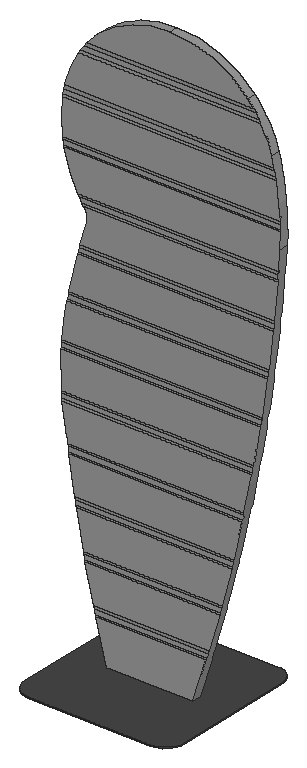
Revit family "Haworth_BuzziPlant_Doldi_EU_PRELIMINARY", category Furniture, Revit 2018
Family settings
  OmniClass Number = 23.40.70.14.64.21
  OmniClass Title = Systems Furniture
  Work Plane-Based = No
  Always vertical = Yes
  Cut with Voids When Loaded = No
  Shared = No
  Room Calculation Point = No
Parameters (values of type "Doldi")
  Warranty = "http://www.haworth.com/resources/product-info/warranties"
  Upholstery Finish [instance] = Haworth _ Fabric _ Undecided _ Screen
  Upholstery Depth = 2.7 cm  # constant formula
  URL - Product = "https://www.haworth.com/eu/en/products/acoustic-booths/buzziplant.html"
  URL = "https://www.haworth.com/eu/en.html"
  Size = "Verify Final Dim. w/ Haworth"  # constant formula
  Revision Number = "1"  # constant formula
  Model = "Buzzi Plant"  # constant formula
  Manufacturer = "Haworth"  # constant formula
  Description = "Haworth - BuzziPlant - Doldi"  # constant formula
  Base Finish [instance] = Haworth _ Paint _ Black BTR-9005
  Author = "Haworth (Abd Rahman)"  # constant formula
  Assembly Code = "E2020200"
  Actual Width = 68 cm  # constant formula
  Actual Height = 179.2982 cm  # constant formula
  Actual Depth = 49 cm  # constant formula
Reference planes (cm)
  plane 1 "Center F/B": y = 4.445
  plane 2: z = 0
  plane 3 "Back": y = 28.9421
  plane 4 "Front": y = -20.0521
  plane 5 "Top": z = 179.2982
  plane 6 "Right": x = 108.0528
  plane 7 "Left": x = 40.0581
  plane 8: x = 74.0554
  plane 9 "Front Surface": y = 3.0988
  plane 10 "Back Surface": y = 5.7912
  plane 11 "Base Top": z = 0.3
Forms (cm)
  Extrusion 1, solid, material "Haworth _ Paint _ Black BTR-9005" <- "Base Finish"
    sketch origin (0, 0, 0) x (1, 0, 0) y (0, 1, 0)
      loop
        arc (86.2452, -20.0521) -> (90.5078, -18.2864) -> (92.2735, -14.0238) r 6.0283
        line (92.2735, -14.0238) -> (92.2735, 22.9096)
        arc (92.2735, 22.9096) -> (90.5066, 27.1752) -> (86.241, 28.9421) r 6.0325
        line (86.241, 28.9421) -> (49.306, 28.9421)
        arc (49.306, 28.9421) -> (45.0404, 27.1752) -> (43.2735, 22.9096) r 6.0325
        line (43.2735, 22.9096) -> (43.2735, -14.0196)
        arc (43.2735, -14.0196) -> (45.0404, -18.2852) -> (49.306, -20.0521) r 6.0325
        line (49.306, -20.0521) -> (86.2452, -20.0521)
    from 0 to 0.3
  Extrusion 2, solid, material "Haworth _ Fabric _ Undecided _ Screen" <- "Upholstery Finish"
    sketch origin (0, 4.445, 0) x (1, 0, 0) y (0, 0, 1)
      loop
        arc (80.8743, 0.3) -> (98.5993, 66.2251) -> (107.7699, 133.8727) r 534.0572
        arc (107.7699, 133.8727) -> (107.5974, 146.57) -> (105.2947, 159.0579) r 75.3391
        arc (105.2947, 159.0579) -> (102.4388, 166.0018) -> (97.9721, 172.0369) r 30.48
        arc (97.9721, 172.0369) -> (87.0663, 179.6056) -> (74.0554, 182.24) r 32.8485
        arc (74.0554, 182.24) -> (53.3892, 174.981) -> (41.6649, 156.4789) r 33.3988
        arc (41.6649, 156.4789) -> (41.2644, 139.9901) -> (47.5132, 124.7259) r 40.2354
        arc (47.5132, 124.7259) -> (48.4364, 122.3413) -> (48.2272, 119.7928) r 5.715
        arc (48.2272, 119.7928) -> (44.525, 106.6516) -> (41.6947, 93.2955) r 207.5624
        arc (41.6947, 93.2955) -> (40.3649, 77.4411) -> (41.9661, 61.6118) r 86.36
        arc (41.9661, 61.6118) -> (42.0269, 61.3037) -> (42.0888, 60.9959) r 87.4018
        arc (42.0888, 60.9959) -> (42.2873, 59.9189) -> (42.447, 58.8355) r 30.48
        arc (42.447, 58.8355) -> (47.4261, 29.3303) -> (54.6777, 0.3) r 385.6723
        line (54.6777, 0.3) -> (80.8743, 0.3)
    from -1.3462 to 1.3462
  Extrusion 3, void
    sketch origin (108.0528, 0, 0) x (0, 1, 0) y (0, 0, 1)
      loop
        line (6.4955, 158.9497) -> (6.4955, 178.4594) -> (5.6228, 169.0328)
        arc (5.6228, 169.0328) -> (5.5904, 168.3001) -> (5.6286, 167.5677) r 7.62
        line (5.6286, 167.5677) -> (6.4955, 158.9497)
    from -80.8437 to 30.48
  Extrusion 4, void
    sketch origin (108.0528, 8.89, 0) x (0, -1, 0) y (0, 0, -1)
      loop
        line (6.5671, -158.9497) -> (5.7002, -167.5677)
        arc (5.7002, -167.5677) -> (5.662, -168.3001) -> (5.6944, -169.0328) r 7.62
        line (5.6944, -169.0328) -> (6.5671, -178.4594) -> (6.5671, -158.9497)
    from -80.8437 to 30.48
  Extrusion 5, void
    sketch origin (108.0528, 0, -13.97) x (0, 1, 0) y (0, 0, 1)
      loop
        line (6.4955, 158.9497) -> (6.4955, 178.4594) -> (5.6228, 169.0328)
        arc (5.6228, 169.0328) -> (5.5904, 168.3001) -> (5.6286, 167.5677) r 7.62
        line (5.6286, 167.5677) -> (6.4955, 158.9497)
    from -80.8437 to 30.48
  Extrusion 6, void
    sketch origin (108.0528, 8.89, -13.97) x (0, -1, 0) y (0, 0, -1)
      loop
        line (6.5671, -158.9497) -> (5.7002, -167.5677)
        arc (5.7002, -167.5677) -> (5.662, -168.3001) -> (5.6944, -169.0328) r 7.62
        line (5.6944, -169.0328) -> (6.5671, -178.4594) -> (6.5671, -158.9497)
    from -80.8437 to 30.48
  Extrusion 7, void
    sketch origin (108.0528, -0.0355, -28.0001) x (0, 1, 0) y (0, 0, 1)
      loop
        line (6.4955, 158.9497) -> (6.4955, 178.4594) -> (5.6228, 169.0328)
        arc (5.6228, 169.0328) -> (5.5904, 168.3001) -> (5.6286, 167.5677) r 7.62
        line (5.6286, 167.5677) -> (6.4955, 158.9497)
    from -80.8437 to 30.48
  Extrusion 8, void
    sketch origin (108.0528, 8.8545, -28.0001) x (0, -1, 0) y (0, 0, -1)
      loop
        line (6.5671, -158.9497) -> (5.7002, -167.5677)
        arc (5.7002, -167.5677) -> (5.662, -168.3001) -> (5.6944, -169.0328) r 7.62
        line (5.6944, -169.0328) -> (6.5671, -178.4594) -> (6.5671, -158.9497)
    from -80.8437 to 30.48
  Extrusion 9, void
    sketch origin (108.0528, -0.0355, -42.0001) x (0, 1, 0) y (0, 0, 1)
      loop
        line (6.4955, 158.9497) -> (6.4955, 178.4594) -> (5.6228, 169.0328)
        arc (5.6228, 169.0328) -> (5.5904, 168.3001) -> (5.6286, 167.5677) r 7.62
        line (5.6286, 167.5677) -> (6.4955, 158.9497)
    from -80.8437 to 30.48
  Extrusion 10, void
    sketch origin (108.0528, 8.8545, -42.0001) x (0, -1, 0) y (0, 0, -1)
      loop
        line (6.5671, -158.9497) -> (5.7002, -167.5677)
        arc (5.7002, -167.5677) -> (5.662, -168.3001) -> (5.6944, -169.0328) r 7.62
        line (5.6944, -169.0328) -> (6.5671, -178.4594) -> (6.5671, -158.9497)
    from -80.8437 to 30.48
  Extrusion 11, void
    sketch origin (108.0528, -0.0355, -56.0001) x (0, 1, 0) y (0, 0, 1)
      loop
        line (6.4955, 158.9497) -> (6.4955, 178.4594) -> (5.6228, 169.0328)
        arc (5.6228, 169.0328) -> (5.5904, 168.3001) -> (5.6286, 167.5677) r 7.62
        line (5.6286, 167.5677) -> (6.4955, 158.9497)
    from -80.8437 to 30.48
  Extrusion 12, void
    sketch origin (108.0528, 8.8545, -56.0001) x (0, -1, 0) y (0, 0, -1)
      loop
        line (6.5671, -158.9497) -> (5.7002, -167.5677)
        arc (5.7002, -167.5677) -> (5.662, -168.3001) -> (5.6944, -169.0328) r 7.62
        line (5.6944, -169.0328) -> (6.5671, -178.4594) -> (6.5671, -158.9497)
    from -80.8437 to 30.48
  Extrusion 13, void
    sketch origin (108.0528, -0.0355, -70.0001) x (0, 1, 0) y (0, 0, 1)
      loop
        line (6.4955, 158.9497) -> (6.4955, 178.4594) -> (5.6228, 169.0328)
        arc (5.6228, 169.0328) -> (5.5904, 168.3001) -> (5.6286, 167.5677) r 7.62
        line (5.6286, 167.5677) -> (6.4955, 158.9497)
    from -80.8437 to 30.48
  Extrusion 14, void
    sketch origin (108.0528, 8.8545, -70.0001) x (0, -1, 0) y (0, 0, -1)
      loop
        line (6.5671, -158.9497) -> (5.7002, -167.5677)
        arc (5.7002, -167.5677) -> (5.662, -168.3001) -> (5.6944, -169.0328) r 7.62
        line (5.6944, -169.0328) -> (6.5671, -178.4594) -> (6.5671, -158.9497)
    from -80.8437 to 30.48
  Extrusion 15, void
    sketch origin (108.0528, -0.0355, -84.0001) x (0, 1, 0) y (0, 0, 1)
      loop
        line (6.4955, 158.9497) -> (6.4955, 178.4594) -> (5.6228, 169.0328)
        arc (5.6228, 169.0328) -> (5.5904, 168.3001) -> (5.6286, 167.5677) r 7.62
        line (5.6286, 167.5677) -> (6.4955, 158.9497)
    from -80.8437 to 30.48
  Extrusion 16, void
    sketch origin (108.0528, 8.8545, -84.0001) x (0, -1, 0) y (0, 0, -1)
      loop
        line (6.5671, -158.9497) -> (5.7002, -167.5677)
        arc (5.7002, -167.5677) -> (5.662, -168.3001) -> (5.6944, -169.0328) r 7.62
        line (5.6944, -169.0328) -> (6.5671, -178.4594) -> (6.5671, -158.9497)
    from -80.8437 to 30.48
  Extrusion 17, void
    sketch origin (108.0528, -0.0351, -98.0001) x (0, 1, 0) y (0, 0, 1)
      loop
        line (6.4955, 158.9497) -> (6.4955, 178.4594) -> (5.6228, 169.0328)
        arc (5.6228, 169.0328) -> (5.5904, 168.3001) -> (5.6286, 167.5677) r 7.62
        line (5.6286, 167.5677) -> (6.4955, 158.9497)
    from -80.8437 to 30.48
  Extrusion 18, void
    sketch origin (108.0528, 8.8549, -98.0001) x (0, -1, 0) y (0, 0, -1)
      loop
        line (6.5671, -158.9497) -> (5.7002, -167.5677)
        arc (5.7002, -167.5677) -> (5.662, -168.3001) -> (5.6944, -169.0328) r 7.62
        line (5.6944, -169.0328) -> (6.5671, -178.4594) -> (6.5671, -158.9497)
    from -80.8437 to 30.48
  Extrusion 19, void
    sketch origin (108.0528, -0.0355, -112.0001) x (0, 1, 0) y (0, 0, 1)
      loop
        line (6.4955, 158.9497) -> (6.4955, 178.4594) -> (5.6228, 169.0328)
        arc (5.6228, 169.0328) -> (5.5904, 168.3001) -> (5.6286, 167.5677) r 7.62
        line (5.6286, 167.5677) -> (6.4955, 158.9497)
    from -80.8437 to 30.48
  Extrusion 20, void
    sketch origin (108.0528, 8.8545, -112.0001) x (0, -1, 0) y (0, 0, -1)
      loop
        line (6.5671, -158.9497) -> (5.7002, -167.5677)
        arc (5.7002, -167.5677) -> (5.662, -168.3001) -> (5.6944, -169.0328) r 7.62
        line (5.6944, -169.0328) -> (6.5671, -178.4594) -> (6.5671, -158.9497)
    from -80.8437 to 30.48
  Extrusion 21, void
    sketch origin (108.0528, -0.0355, -126.0001) x (0, 1, 0) y (0, 0, 1)
      loop
        line (6.4955, 158.9497) -> (6.4955, 178.4594) -> (5.6228, 169.0328)
        arc (5.6228, 169.0328) -> (5.5904, 168.3001) -> (5.6286, 167.5677) r 7.62
        line (5.6286, 167.5677) -> (6.4955, 158.9497)
    from -80.8437 to 30.48
  Extrusion 22, void
    sketch origin (108.0528, 8.8545, -126.0001) x (0, -1, 0) y (0, 0, -1)
      loop
        line (6.5671, -158.9497) -> (5.7002, -167.5677)
        arc (5.7002, -167.5677) -> (5.662, -168.3001) -> (5.6944, -169.0328) r 7.62
        line (5.6944, -169.0328) -> (6.5671, -178.4594) -> (6.5671, -158.9497)
    from -80.8437 to 30.48
  Extrusion 23, void
    sketch origin (108.0528, -0.0355, -140.0001) x (0, 1, 0) y (0, 0, 1)
      loop
        line (6.4955, 158.9497) -> (6.4955, 178.4594) -> (5.6228, 169.0328)
        arc (5.6228, 169.0328) -> (5.5904, 168.3001) -> (5.6286, 167.5677) r 7.62
        line (5.6286, 167.5677) -> (6.4955, 158.9497)
    from -80.8437 to 30.48
  Extrusion 24, void
    sketch origin (108.0528, 8.8545, -140.0001) x (0, -1, 0) y (0, 0, -1)
      loop
        line (6.5671, -158.9497) -> (5.7002, -167.5677)
        arc (5.7002, -167.5677) -> (5.662, -168.3001) -> (5.6944, -169.0328) r 7.62
        line (5.6944, -169.0328) -> (6.5671, -178.4594) -> (6.5671, -158.9497)
    from -80.8437 to 30.48
  Extrusion 25, void
    sketch origin (108.0528, -0.0355, -154.0001) x (0, 1, 0) y (0, 0, 1)
      loop
        line (6.4955, 158.9497) -> (6.4955, 178.4594) -> (5.6228, 169.0328)
        arc (5.6228, 169.0328) -> (5.5904, 168.3001) -> (5.6286, 167.5677) r 7.62
        line (5.6286, 167.5677) -> (6.4955, 158.9497)
    from -80.8437 to 30.48
  Extrusion 26, void
    sketch origin (108.0528, 8.8545, -154.0001) x (0, -1, 0) y (0, 0, -1)
      loop
        line (6.5671, -158.9497) -> (5.7002, -167.5677)
        arc (5.7002, -167.5677) -> (5.662, -168.3001) -> (5.6944, -169.0328) r 7.62
        line (5.6944, -169.0328) -> (6.5671, -178.4594) -> (6.5671, -158.9497)
    from -80.8437 to 30.48
Cuts and joins
  Extrusion 3, Extrusion 4, Extrusion 5, Extrusion 6, Extrusion 7, Extrusion 8, Extrusion 9, Extrusion 10, Extrusion 11, Extrusion 12, Extrusion 13, Extrusion 14, Extrusion 15, Extrusion 16, Extrusion 17, Extrusion 18, Extrusion 19, Extrusion 20, Extrusion 21, Extrusion 22, Extrusion 23, Extrusion 24, Extrusion 25, Extrusion 26 cuts Extrusion 2
Lines and regions (cm)
  Masking region 1
    outline origin (0, 0, 0) x (1, 0, 0) y (0, 1, 0)
      loop
        line (92.2735, -14.0238) -> (92.2735, 3.0988) -> (108.0528, 3.0988) -> (108.0528, 5.7912) -> (92.2735, 5.7912) -> (92.2735, 22.9096)
        arc (92.2735, 22.9096) -> (90.5066, 27.1752) -> (86.241, 28.9421) r 6.0325
        line (86.241, 28.9421) -> (49.306, 28.9421)
        arc (49.306, 28.9421) -> (45.0404, 27.1752) -> (43.2735, 22.9096) r 6.0325
        line (43.2735, 22.9096) -> (43.2735, 5.7912) -> (40.0581, 5.7912) -> (40.0581, 3.0988) -> (43.2735, 3.0988) -> (43.2735, -14.0196)
        arc (43.2735, -14.0196) -> (45.0404, -18.2852) -> (49.306, -20.0521) r 6.0325
        line (49.306, -20.0521) -> (86.2452, -20.0521)
        arc (86.2452, -20.0521) -> (90.5078, -18.2864) -> (92.2735, -14.0238) r 6.0283
  symbolic lines
    curve 1: line (92.2735, 5.7912, 0) -> (43.2735, 5.7912, 0)
    curve 2: line (43.2735, 3.0988, 0) -> (92.2735, 3.0988, 0)
Dimensions and locks (cm)
  "Actual Width": plane 7 "Left" to plane 6 "Right"
  "Actual Depth": plane 4 "Front" to plane 3 "Back"
  equal spacing: plane 4 "Front", plane 1 "Center F/B", plane 3 "Back"
  "Actual Height": plane 5 "Top" to level
  equal spacing: plane 7 "Left", plane 8, plane 6 "Right"
  plane 10 "Back Surface" to plane 9 "Front Surface" = 2.6924 cm
  aligned and locked: Extrusion 1 sketch curve to plane 3 "Back"
  aligned and locked: Extrusion 1 sketch curve to plane 4 "Front"
  aligned and locked: Extrusion 1 to plane 2
  aligned and locked: plane 11 "Base Top" to Extrusion 1
  aligned and locked: plane 10 "Back Surface" to Extrusion 2
  aligned and locked: Extrusion 2 to plane 9 "Front Surface"
Automatic sketch dimensions
  Extrusion 1 sketch curve to plane 7 "Left" = 3.2154 cm
  Extrusion 1 sketch curve to Extrusion 1 sketch curve = 6.0325 cm  (x2)
  Extrusion 1 sketch curve to plane 3 "Back" = 6.0325 cm
  Extrusion 1 sketch curve to plane 8 = 12.1855 cm
  Extrusion 1 sketch curve to plane 4 "Front" = 6.0283 cm
  Extrusion 2 sketch curve to plane 11 "Base Top" = 0 cm
  plane 8 to Extrusion 2 sketch curve = 0 cm  (x2)
  Extrusion 2 sketch curve to plane 7 "Left" = 14.6195 cm
  Extrusion 2 sketch curve to plane 7 "Left" = 2.7222 cm
  plane 7 "Left" to Extrusion 2 sketch curve = 7.4386 cm
  plane 7 "Left" to Extrusion 2 sketch curve = 27.8404 cm
  Extrusion 2 sketch curve to plane 5 "Top" = 7.6533 cm
  Extrusion 2 sketch curve to Extrusion 2 sketch curve = 437.1676 cm
  Extrusion 2 sketch curve to plane 8 = 0.1212 cm
  Extrusion 2 sketch curve to plane 8 = 0.1233 cm
  Extrusion 2 sketch curve to plane 8 = 1.837 cm
  Extrusion 2 sketch curve to Extrusion 2 sketch curve = 4.9417 cm
  Extrusion 2 sketch curve to plane 8 = 6.8188 cm
  plane 6 "Right" to Extrusion 2 sketch curve = 18.669 cm
  Extrusion 2 sketch curve to Extrusion 2 sketch curve = 1.0224 cm
  plane 11 "Base Top" to Extrusion 2 sketch curve = 56.6677 cm
  Extrusion 2 sketch curve to Extrusion 2 sketch curve = 118.3091 cm
  Extrusion 2 sketch curve to plane 5 "Top" = 71.0871 cm
  Extrusion 2 sketch curve to Extrusion 2 sketch curve = 178.8922 cm
  plane 11 "Base Top" to Extrusion 2 sketch curve = 54.6333 cm
  level to Extrusion 2 sketch curve = 78.1807 cm
  Extrusion 2 sketch curve to Extrusion 2 sketch curve = 0.1999 cm
  Extrusion 2 sketch curve to plane 5 "Top" = 57.7756 cm
  Extrusion 2 sketch curve to Extrusion 2 sketch curve = 17.6786 cm
  Extrusion 2 sketch curve to Extrusion 2 sketch curve = 13.4053 cm
  Extrusion 2 sketch curve to Extrusion 2 sketch curve = 1.5634 cm
  Extrusion 2 sketch curve to Extrusion 2 sketch curve = 0.5502 cm
  Extrusion 2 sketch curve to Extrusion 2 sketch curve = 1.6328 cm
  Extrusion 2 sketch curve to Extrusion 2 sketch curve = 5.4469 cm
  Extrusion 2 sketch curve to Extrusion 2 sketch curve = 0 cm  (x7)
  Extrusion 3 sketch curve to plane 10 "Back Surface" = 0.1684 cm
  Extrusion 3 sketch curve to plane 10 "Back Surface" = 0.1626 cm
  plane 10 "Back Surface" to Extrusion 3 sketch curve = 0.7043 cm
  plane 10 "Back Surface" to Extrusion 3 sketch curve = 7.4191 cm
  Extrusion 3 sketch curve to plane 5 "Top" = 20.3485 cm
  Extrusion 3 sketch curve to Extrusion 3 sketch curve = 8.618 cm
  Extrusion 3 sketch curve to Extrusion 3 sketch curve = 0.7626 cm
  Extrusion 3 sketch curve to plane 5 "Top" = 0.8388 cm
  Extrusion 4 sketch curve to plane 9 "Front Surface" = 0.0968 cm
  Extrusion 4 sketch curve to plane 9 "Front Surface" = 0.091 cm
  plane 9 "Front Surface" to Extrusion 4 sketch curve = 0.7759 cm
  plane 9 "Front Surface" to Extrusion 4 sketch curve = 7.4907 cm
  plane 5 "Top" to Extrusion 4 sketch curve = 20.3485 cm
  Extrusion 4 sketch curve to Extrusion 4 sketch curve = 8.618 cm
  Extrusion 4 sketch curve to Extrusion 4 sketch curve = 0.7626 cm
  plane 5 "Top" to Extrusion 4 sketch curve = 0.8388 cm
  Extrusion 5 sketch curve to plane 10 "Back Surface" = 0.1684 cm
  Extrusion 5 sketch curve to plane 10 "Back Surface" = 0.1626 cm
  plane 10 "Back Surface" to Extrusion 5 sketch curve = 0.7043 cm
  plane 10 "Back Surface" to Extrusion 5 sketch curve = 7.4191 cm
  Extrusion 5 sketch curve to plane 5 "Top" = 34.3185 cm
  Extrusion 5 sketch curve to Extrusion 5 sketch curve = 8.618 cm
  Extrusion 5 sketch curve to Extrusion 5 sketch curve = 0.7626 cm
  Extrusion 5 sketch curve to Extrusion 5 sketch curve = 9.4266 cm
  Extrusion 6 sketch curve to plane 9 "Front Surface" = 0.0968 cm
  Extrusion 6 sketch curve to plane 9 "Front Surface" = 0.091 cm
  plane 9 "Front Surface" to Extrusion 6 sketch curve = 0.7759 cm
  plane 9 "Front Surface" to Extrusion 6 sketch curve = 7.4907 cm
  plane 5 "Top" to Extrusion 6 sketch curve = 34.3185 cm
  Extrusion 6 sketch curve to Extrusion 6 sketch curve = 8.618 cm
  Extrusion 6 sketch curve to Extrusion 6 sketch curve = 0.7626 cm
  Extrusion 6 sketch curve to Extrusion 6 sketch curve = 9.4266 cm
  Extrusion 7 sketch curve to plane 10 "Back Surface" = 0.2039 cm
  Extrusion 7 sketch curve to plane 10 "Back Surface" = 0.1981 cm
  plane 10 "Back Surface" to Extrusion 7 sketch curve = 0.6688 cm
  plane 10 "Back Surface" to Extrusion 7 sketch curve = 7.3837 cm
  Extrusion 7 sketch curve to plane 5 "Top" = 48.3486 cm
  Extrusion 7 sketch curve to Extrusion 7 sketch curve = 8.618 cm
  Extrusion 7 sketch curve to Extrusion 7 sketch curve = 0.7626 cm
  Extrusion 7 sketch curve to Extrusion 7 sketch curve = 9.4266 cm
  Extrusion 8 sketch curve to plane 9 "Front Surface" = 0.0614 cm
  Extrusion 8 sketch curve to plane 9 "Front Surface" = 0.0556 cm
  plane 9 "Front Surface" to Extrusion 8 sketch curve = 0.8113 cm
  plane 9 "Front Surface" to Extrusion 8 sketch curve = 7.5262 cm
  plane 5 "Top" to Extrusion 8 sketch curve = 48.3486 cm
  Extrusion 8 sketch curve to Extrusion 8 sketch curve = 8.618 cm
  Extrusion 8 sketch curve to Extrusion 8 sketch curve = 0.7626 cm
  Extrusion 8 sketch curve to Extrusion 8 sketch curve = 9.4266 cm
  Extrusion 9 sketch curve to plane 10 "Back Surface" = 0.2039 cm
  Extrusion 9 sketch curve to plane 10 "Back Surface" = 0.1981 cm
  plane 10 "Back Surface" to Extrusion 9 sketch curve = 0.6688 cm
  plane 10 "Back Surface" to Extrusion 9 sketch curve = 7.3837 cm
  Extrusion 9 sketch curve to plane 5 "Top" = 62.3487 cm
  Extrusion 9 sketch curve to Extrusion 9 sketch curve = 8.618 cm
  Extrusion 9 sketch curve to Extrusion 9 sketch curve = 0.7626 cm
  Extrusion 9 sketch curve to Extrusion 9 sketch curve = 9.4266 cm
  Extrusion 10 sketch curve to plane 9 "Front Surface" = 0.0614 cm
  Extrusion 10 sketch curve to plane 9 "Front Surface" = 0.0556 cm
  plane 9 "Front Surface" to Extrusion 10 sketch curve = 0.8113 cm
  plane 9 "Front Surface" to Extrusion 10 sketch curve = 7.5262 cm
  plane 5 "Top" to Extrusion 10 sketch curve = 62.3487 cm
  Extrusion 10 sketch curve to Extrusion 10 sketch curve = 8.618 cm
  Extrusion 10 sketch curve to Extrusion 10 sketch curve = 0.7626 cm
  Extrusion 10 sketch curve to Extrusion 10 sketch curve = 9.4266 cm
  Extrusion 11 sketch curve to plane 10 "Back Surface" = 0.2039 cm
  Extrusion 11 sketch curve to plane 10 "Back Surface" = 0.1981 cm
  plane 10 "Back Surface" to Extrusion 11 sketch curve = 0.6688 cm
  plane 10 "Back Surface" to Extrusion 11 sketch curve = 7.3837 cm
  Extrusion 11 sketch curve to plane 5 "Top" = 76.3486 cm
  Extrusion 11 sketch curve to Extrusion 11 sketch curve = 8.618 cm
  Extrusion 11 sketch curve to Extrusion 11 sketch curve = 0.7626 cm
  Extrusion 11 sketch curve to Extrusion 11 sketch curve = 9.4266 cm
  Extrusion 12 sketch curve to plane 9 "Front Surface" = 0.0614 cm
  Extrusion 12 sketch curve to plane 9 "Front Surface" = 0.0556 cm
  plane 9 "Front Surface" to Extrusion 12 sketch curve = 0.8113 cm
  plane 9 "Front Surface" to Extrusion 12 sketch curve = 7.5262 cm
  plane 5 "Top" to Extrusion 12 sketch curve = 76.3486 cm
  Extrusion 12 sketch curve to Extrusion 12 sketch curve = 8.618 cm
  Extrusion 12 sketch curve to Extrusion 12 sketch curve = 0.7626 cm
  Extrusion 12 sketch curve to Extrusion 12 sketch curve = 9.4266 cm
  Extrusion 13 sketch curve to plane 10 "Back Surface" = 0.2039 cm
  Extrusion 13 sketch curve to plane 10 "Back Surface" = 0.1981 cm
  plane 10 "Back Surface" to Extrusion 13 sketch curve = 0.6688 cm
  plane 10 "Back Surface" to Extrusion 13 sketch curve = 7.3837 cm
  plane 11 "Base Top" to Extrusion 13 sketch curve = 88.6496 cm
  Extrusion 13 sketch curve to Extrusion 13 sketch curve = 8.618 cm
  Extrusion 13 sketch curve to Extrusion 13 sketch curve = 0.7626 cm
  Extrusion 13 sketch curve to Extrusion 13 sketch curve = 9.4266 cm
  Extrusion 14 sketch curve to plane 9 "Front Surface" = 0.0614 cm
  Extrusion 14 sketch curve to plane 9 "Front Surface" = 0.0556 cm
  plane 9 "Front Surface" to Extrusion 14 sketch curve = 0.8113 cm
  plane 9 "Front Surface" to Extrusion 14 sketch curve = 7.5262 cm
  Extrusion 14 sketch curve to plane 11 "Base Top" = 88.6496 cm
  Extrusion 14 sketch curve to Extrusion 14 sketch curve = 8.618 cm
  Extrusion 14 sketch curve to Extrusion 14 sketch curve = 0.7626 cm
  Extrusion 14 sketch curve to Extrusion 14 sketch curve = 9.4266 cm
  Extrusion 15 sketch curve to plane 10 "Back Surface" = 0.2039 cm
  Extrusion 15 sketch curve to plane 10 "Back Surface" = 0.1981 cm
  plane 10 "Back Surface" to Extrusion 15 sketch curve = 0.6688 cm
  plane 10 "Back Surface" to Extrusion 15 sketch curve = 7.3837 cm
  plane 11 "Base Top" to Extrusion 15 sketch curve = 74.6496 cm
  Extrusion 15 sketch curve to Extrusion 15 sketch curve = 8.618 cm
  Extrusion 15 sketch curve to Extrusion 15 sketch curve = 0.7626 cm
  Extrusion 15 sketch curve to Extrusion 15 sketch curve = 9.4266 cm
  Extrusion 16 sketch curve to plane 9 "Front Surface" = 0.0614 cm
  Extrusion 16 sketch curve to plane 9 "Front Surface" = 0.0556 cm
  plane 9 "Front Surface" to Extrusion 16 sketch curve = 0.8113 cm
  plane 9 "Front Surface" to Extrusion 16 sketch curve = 7.5262 cm
  Extrusion 16 sketch curve to plane 11 "Base Top" = 74.6496 cm
  Extrusion 16 sketch curve to Extrusion 16 sketch curve = 8.618 cm
  Extrusion 16 sketch curve to Extrusion 16 sketch curve = 0.7626 cm
  Extrusion 16 sketch curve to Extrusion 16 sketch curve = 9.4266 cm
  Extrusion 17 sketch curve to plane 10 "Back Surface" = 0.2035 cm
  Extrusion 17 sketch curve to plane 10 "Back Surface" = 0.1977 cm
  plane 10 "Back Surface" to Extrusion 17 sketch curve = 0.6692 cm
  plane 10 "Back Surface" to Extrusion 17 sketch curve = 7.3841 cm
  plane 11 "Base Top" to Extrusion 17 sketch curve = 60.6496 cm
  Extrusion 17 sketch curve to Extrusion 17 sketch curve = 8.618 cm
  Extrusion 17 sketch curve to Extrusion 17 sketch curve = 0.7626 cm
  Extrusion 17 sketch curve to Extrusion 17 sketch curve = 9.4266 cm
  Extrusion 18 sketch curve to plane 9 "Front Surface" = 0.0618 cm
  Extrusion 18 sketch curve to plane 9 "Front Surface" = 0.056 cm
  plane 9 "Front Surface" to Extrusion 18 sketch curve = 0.8109 cm
  plane 9 "Front Surface" to Extrusion 18 sketch curve = 7.5258 cm
  Extrusion 18 sketch curve to plane 11 "Base Top" = 60.6496 cm
  Extrusion 18 sketch curve to Extrusion 18 sketch curve = 8.618 cm
  Extrusion 18 sketch curve to Extrusion 18 sketch curve = 0.7626 cm
  Extrusion 18 sketch curve to Extrusion 18 sketch curve = 9.4266 cm
  Extrusion 19 sketch curve to plane 10 "Back Surface" = 0.2039 cm
  Extrusion 19 sketch curve to plane 10 "Back Surface" = 0.1981 cm
  plane 10 "Back Surface" to Extrusion 19 sketch curve = 0.6688 cm
  plane 10 "Back Surface" to Extrusion 19 sketch curve = 7.3837 cm
  plane 11 "Base Top" to Extrusion 19 sketch curve = 46.6496 cm
  Extrusion 19 sketch curve to Extrusion 19 sketch curve = 8.618 cm
  Extrusion 19 sketch curve to Extrusion 19 sketch curve = 0.7626 cm
  Extrusion 19 sketch curve to Extrusion 19 sketch curve = 9.4266 cm
  Extrusion 20 sketch curve to plane 9 "Front Surface" = 0.0614 cm
  Extrusion 20 sketch curve to plane 9 "Front Surface" = 0.0556 cm
  plane 9 "Front Surface" to Extrusion 20 sketch curve = 0.8113 cm
  plane 9 "Front Surface" to Extrusion 20 sketch curve = 7.5262 cm
  Extrusion 20 sketch curve to plane 11 "Base Top" = 46.6496 cm
  Extrusion 20 sketch curve to Extrusion 20 sketch curve = 8.618 cm
  Extrusion 20 sketch curve to Extrusion 20 sketch curve = 0.7626 cm
  Extrusion 20 sketch curve to Extrusion 20 sketch curve = 9.4266 cm
  Extrusion 21 sketch curve to plane 10 "Back Surface" = 0.2039 cm
  Extrusion 21 sketch curve to plane 10 "Back Surface" = 0.1981 cm
  plane 10 "Back Surface" to Extrusion 21 sketch curve = 0.6688 cm
  plane 10 "Back Surface" to Extrusion 21 sketch curve = 7.3837 cm
  plane 11 "Base Top" to Extrusion 21 sketch curve = 32.6496 cm
  Extrusion 21 sketch curve to Extrusion 21 sketch curve = 8.618 cm
  Extrusion 21 sketch curve to Extrusion 21 sketch curve = 0.7626 cm
  Extrusion 21 sketch curve to Extrusion 21 sketch curve = 9.4266 cm
  Extrusion 22 sketch curve to plane 9 "Front Surface" = 0.0614 cm
  Extrusion 22 sketch curve to plane 9 "Front Surface" = 0.0556 cm
  plane 9 "Front Surface" to Extrusion 22 sketch curve = 0.8113 cm
  plane 9 "Front Surface" to Extrusion 22 sketch curve = 7.5262 cm
  Extrusion 22 sketch curve to plane 11 "Base Top" = 32.6496 cm
  Extrusion 22 sketch curve to Extrusion 22 sketch curve = 8.618 cm
  Extrusion 22 sketch curve to Extrusion 22 sketch curve = 0.7626 cm
  Extrusion 22 sketch curve to Extrusion 22 sketch curve = 9.4266 cm
  Extrusion 23 sketch curve to plane 10 "Back Surface" = 0.2039 cm
  Extrusion 23 sketch curve to plane 10 "Back Surface" = 0.1981 cm
  plane 10 "Back Surface" to Extrusion 23 sketch curve = 0.6688 cm
  plane 10 "Back Surface" to Extrusion 23 sketch curve = 7.3837 cm
  plane 11 "Base Top" to Extrusion 23 sketch curve = 18.6496 cm
  Extrusion 23 sketch curve to Extrusion 23 sketch curve = 8.618 cm
  Extrusion 23 sketch curve to Extrusion 23 sketch curve = 0.7626 cm
  Extrusion 23 sketch curve to Extrusion 23 sketch curve = 9.4266 cm
  Extrusion 24 sketch curve to plane 9 "Front Surface" = 0.0614 cm
  Extrusion 24 sketch curve to plane 9 "Front Surface" = 0.0556 cm
  plane 9 "Front Surface" to Extrusion 24 sketch curve = 0.8113 cm
  plane 9 "Front Surface" to Extrusion 24 sketch curve = 7.5262 cm
  Extrusion 24 sketch curve to plane 11 "Base Top" = 18.6496 cm
  Extrusion 24 sketch curve to Extrusion 24 sketch curve = 8.618 cm
  Extrusion 24 sketch curve to Extrusion 24 sketch curve = 0.7626 cm
  Extrusion 24 sketch curve to Extrusion 24 sketch curve = 9.4266 cm
  Extrusion 25 sketch curve to plane 10 "Back Surface" = 0.2039 cm
  Extrusion 25 sketch curve to plane 10 "Back Surface" = 0.1981 cm
  plane 10 "Back Surface" to Extrusion 25 sketch curve = 0.6688 cm
  plane 10 "Back Surface" to Extrusion 25 sketch curve = 7.3837 cm
  plane 11 "Base Top" to Extrusion 25 sketch curve = 4.6496 cm
  Extrusion 25 sketch curve to Extrusion 25 sketch curve = 8.618 cm
  Extrusion 25 sketch curve to Extrusion 25 sketch curve = 0.7626 cm
  Extrusion 25 sketch curve to Extrusion 25 sketch curve = 9.4266 cm
  Extrusion 26 sketch curve to plane 9 "Front Surface" = 0.0614 cm
  Extrusion 26 sketch curve to plane 9 "Front Surface" = 0.0556 cm
  plane 9 "Front Surface" to Extrusion 26 sketch curve = 0.8113 cm
  plane 9 "Front Surface" to Extrusion 26 sketch curve = 7.5262 cm
  Extrusion 26 sketch curve to plane 11 "Base Top" = 4.6496 cm
  Extrusion 26 sketch curve to Extrusion 26 sketch curve = 8.618 cm
  Extrusion 26 sketch curve to Extrusion 26 sketch curve = 0.7626 cm
  Extrusion 26 sketch curve to Extrusion 26 sketch curve = 9.4266 cm
  plane 4 "Front" to Masking region 1 sketch curve = 0 cm
  Masking region 1 sketch curve to plane 4 "Front" = 6.0283 cm
  Masking region 1 sketch curve to plane 7 "Left" = 9.2479 cm
  Masking region 1 sketch curve to plane 4 "Front" = 6.0325 cm
  Masking region 1 sketch curve to plane 3 "Back" = 6.0325 cm  (x2)
  Masking region 1 sketch curve to plane 3 "Back" = 0 cm
  Masking region 1 sketch curve to plane 7 "Left" = 0 cm
  Masking region 1 sketch curve to plane 9 "Front Surface" = 0 cm  (x2)
  Masking region 1 sketch curve to plane 10 "Back Surface" = 0 cm  (x2)
  Masking region 1 sketch curve to plane 8 = 12.1855 cm
  Masking region 1 sketch curve to plane 6 "Right" = 0 cm
  Masking region 1 sketch curve to plane 8 = 12.1897 cm
  Masking region 1 sketch curve to plane 7 "Left" = 3.2154 cm
  curve 1 to plane 10 "Back Surface" = 0 cm
  curve 2 to plane 9 "Front Surface" = 0 cm
  curve 1 to plane 7 "Left" = 3.2154 cm
  curve 2 to curve 1 = 0 cm
  curve 2 to plane 6 "Right" = 15.7793 cm
  curve 1 to curve 2 = 0 cm
